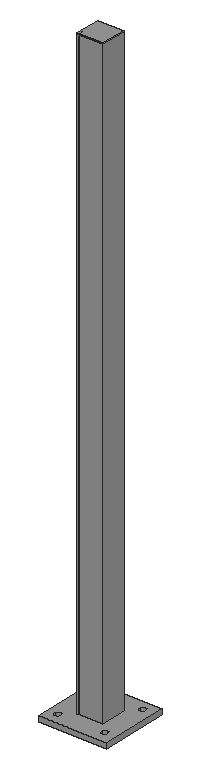
Revit family "Palmshield-Asia-Louver-Post", category Specialty Equipment, Revit 2025
Family settings
  Round Connector Dimension = Use Diameter
  Part Type = Normal
  OmniClass Number = 23.55.00.00
  OmniClass Title = Manufactured Structures
  Work Plane-Based = No
  Enable Cutting in Views = No
  Always vertical = No
  Cut with Voids When Loaded = No
  Maintain Annotation Orientation = No
  Shared = No
  Room Calculation Point = No
Parameters (values of type "Assembly")
  Warranty URL = "https://palmshieldlouvers.com/wp-content/uploads/2020/01/PalmSHIELD-Warranty-NO-SIGN-LINE.pdf"
  Version = "2020 - v1.0a"  # constant formula
  URL = "https://palmshieldlouvers.com/"
  Product Page URL = "https://palmshieldlouvers.com/products/semi-private-screening/"
  Product Documentation Link = "http://palmshieldlouvers.com/wp-content/uploads/2020/05/PalmSHIELD-Semi-Private-Composite-Technical-Data-Sheet.pdf"
  Model = "Asia - Aluminum - Post Assembly"  # constant formula
  Material = Metal - PalmSHIELD - Dusty Grey
  Manufacturer Phone Number = "531-329-4406 "  # constant formula
  Manufacturer Email = "mailto: info@palmshieldlouvers.com"
  Manufacturer Address = "12330 Cary Circle, La Vista, NE 68128"  # constant formula
  Manufacturer = "PalmSHIELD"  # constant formula
  Keynote = "05 10 00"
  Instruction Sheet Link = "http://palmshieldlouvers.com/wp-content/uploads/2020/01/PalmSHIELD-Post-Panel-Gate-Installation-Instructions-REV-1.pdf"
  ID [instance] = "Not Assigned"
  Height [instance] = if(Desired Overall Height < C Min Height, C Min Height, if(Desired Overall Height > C Max Height, C Max Height, Desired Overall Height))  # 6' - 0"
  Desired Overall Height [instance] = 6' - 0"
  Description = "Asia - Aluminum"  # constant formula
  Default Elevation = 0' - 0"
  Copyright = "Copyright ©2024 The American Fence Company and PalmSHIELD. All Rights Reserved."  # constant formula
  Component Vis [instance] = yes
  Component Name [instance] = "Asia - Aluminum - Square Post"  # constant formula
  C Min Height [instance] = 3' - 4"  # constant formula
  C Max Height [instance] = 12' - 0"  # constant formula
  Assembly Code = "F1020100"
Reference planes (in)
  plane 1 "Center (Front/Back)": y = 0
  plane 2: z = 0
  plane 3 "Center (Left/Right)": x = 0
  plane 4: z = 72
Lines and regions (in)
  reference lines
    curve 1: line (-23.79961, 0, 72) -> (24.20039, 0, 72)
Dimensions and locks (in)
  "Desired Overall Height": curve 1 to plane 2
  "Height": plane 4 to plane 2
  aligned and locked: plane 2 to level
Automatic sketch dimensions
  curve 1 to plane 3 "Center (Left/Right)" = 1' - 11.79961"
  plane 3 "Center (Left/Right)" to curve 1 = 2' - 0.20039"
Nested families (in)
  nested 1: "Screening-Louver-Assembly-Post-Palmshield-Asia" at (0, 0, 0), Desired Overall Height <- "Desired Overall Height", Overall Height <- "Height", ID <- "ID", Component Vis <- "Component Vis", type "Default"
    with Overall Height 6' - 0", ID "Not Assigned", Desired Overall Height 6' - 0", Component Vis yes, Component Name "Atlas - Post Assembly"
  nested 2: "Nested-Base_Plate-Palmshield-Asia" at (0, 0, 0), type "8" x 8" x 5/8""
    with Material Metal - PalmSHIELD - Dusty Grey, ID "Not Assigned", Component Name "Asia - Aluminum - Base Plate"
  nested 3: "Nested-Square_Post-Palmshield-Asia" at (0, 0, 0.625), type "3" X 3" SQ TUBE POST"
    with Material Metal - PalmSHIELD - Dusty Grey, Length 5' - 11 1/4", ID "Not Assigned", Component Name "Asia - Aluminum - Square Post"
  nested 4: "Nested-Top_Cap-Palmshield-Asia" at (0, 0, 71.875), type "3" x 3" x 1/8""
    with Material Metal - PalmSHIELD - Dusty Grey, ID "Not Assigned", Component Name "Asia - Aluminum - Square Top Cap"
Definition of nested family "Nested-Base_Plate-Palmshield-Asia"
  Parameters (values of type "8" x 8" x 5/8"")
    Width = 0' - 8"  # constant formula
    Warranty URL = "https://palmshieldlouvers.com/wp-content/uploads/2020/01/PalmSHIELD-Warranty-NO-SIGN-LINE.pdf"
    Version = "2020 - v1.0a"  # constant formula
    URL = "https://palmshieldlouvers.com/"
    Thickness = 0' - 0 5/8"  # constant formula
    Product Page URL = "https://palmshieldlouvers.com/products/louvers/"
    Product Documentation Link = "https://palmshieldlouvers.com/wp-content/uploads/2022/01/Asia-Commercial-Horizontal-Technical-Data-Sheet.pdf"
    Model = "Asia"  # constant formula
    Material [instance] = none
    Manufacturer Phone Number = "531-329-4406 "  # constant formula
    Manufacturer Fax Number = "Consult Manufacturer Website for More Information"  # constant formula
    Manufacturer Email = "mailto: info@palmshieldlouvers.com"
    Manufacturer Address = "12330 Cary Circle, La Vista, NE 68128"  # constant formula
    Manufacturer = "PalmSHIELD"  # constant formula
    Keynote = "05 10 00"
    Instruction Sheet Link = "https://palmshieldlouvers.com/wp-content/uploads/2021/09/PalmSHIELD-Mercury-Series-Post-Panel-Gate-Installation-Instructions-2.docx"
    ID [instance] = ""
    Hole Diameter = 0' - 0 3/4"  # constant formula
    Description = "Atlas - Base Plate"  # constant formula
    Default Elevation = 4' - 0"
    Copyright = "Copyright ©2024 The American Fence Company and PalmSHIELD. All Rights Reserved."  # constant formula
    Component Name [instance] = "Asia - Aluminum - Base Plate"  # constant formula
    C Hole Offset = 0' - 1 1/4"  # constant formula
    Assembly Code = "F1020100"
  Reference planes (in)
    plane 1 "Center (Front/Back)": y = 0
    plane 2: z = 0
    plane 3 "Center (Left/Right)": x = 0
    plane 4: y = 4
    plane 5: x = 4
    plane 6: y = -4
    plane 7: x = -4
    plane 8: z = 0.625
  Forms (in)
    Extrusion 1, solid
      sketch origin (0, 0, 0) x (1, 0, 0) y (0, 1, 0)
        loop
          line (-48, 48) -> (-48, -48) -> (48, -48) -> (48, 48) -> (-48, 48)
      from 0 to -12
    Extrusion 2, solid, material <- "Material"
      sketch origin (0, 0, 0) x (1, 0, 0) y (0, 1, 0)
        loop
          line (-4, 4) -> (-4, -4) -> (4, -4) -> (4, 4) -> (-4, 4)
        loop
          circle (-2.75, 2.75) r 0.375
        loop
          circle (2.75, 2.75) r 0.375
        loop
          circle (-2.75, -2.75) r 0.375
        loop
          circle (2.75, -2.75) r 0.375
      from 0 to 0.625
  Dimensions and locks (in)
    equal spacing: plane 7, plane 3 "Center (Left/Right)", plane 5
    equal spacing: plane 4, plane 1 "Center (Front/Back)", plane 6
    "Width": plane 7 to plane 5
    "Width": plane 4 to plane 6
    "C Hole Offset": plane 7 to Extrusion 2 sketch curve  (x2)
    "C Hole Offset": Extrusion 2 sketch curve to plane 5  (x2)
    "C Hole Offset": plane 4 to Extrusion 2 sketch curve  (x2)
    "C Hole Offset": plane 6 to Extrusion 2 sketch curve  (x2)
    "Thickness": plane 8 to plane 2
    "Hole Diameter": diameter of Extrusion 2 sketch curve  (x4)
    aligned and locked: plane 2 to Extrusion 1
    aligned and locked: level to Extrusion 1
    aligned and locked: Extrusion 2 sketch curve to plane 4
    aligned and locked: plane 7 to Extrusion 2 sketch curve
    aligned and locked: Extrusion 2 sketch curve to plane 6
    aligned and locked: Extrusion 2 sketch curve to plane 5
    aligned and locked: plane 8 to Extrusion 2
  Automatic sketch dimensions
    Extrusion 1 sketch curve to Extrusion 1 sketch curve = 8' - 0"  (x2)
Definition of nested family "Nested-Square_Post-Palmshield-Asia"
  Parameters (values of type "3" X 3" SQ TUBE POST")
    Width = 0' - 3"  # constant formula
    Warranty URL = "https://palmshieldlouvers.com/wp-content/uploads/2020/01/PalmSHIELD-Warranty-NO-SIGN-LINE.pdf"
    Version = "2020 - v1.0a"  # constant formula
    URL = "https://palmshieldlouvers.com/"
    Thickness = 0' - 0 1/8"  # constant formula
    Product Page URL = "https://palmshieldlouvers.com/products/louvers/"
    Product Documentation Link = "https://palmshieldlouvers.com/wp-content/uploads/2022/01/Asia-Commercial-Horizontal-Technical-Data-Sheet.pdf"
    Model = "Atlas"  # constant formula
    Material [instance] = none
    Manufacturer Phone Number = "531-329-4406 "  # constant formula
    Manufacturer Fax Number = "Consult Manufacturer Website for More Information"  # constant formula
    Manufacturer Email = "mailto: info@palmshieldlouvers.com"
    Manufacturer Address = "12330 Cary Circle, La Vista, NE 68128"  # constant formula
    Manufacturer = "PalmSHIELD"  # constant formula
    Length [instance] = 4' - 4.86713"
    Keynote = "05 10 00"
    Instruction Sheet Link = "https://palmshieldlouvers.com/wp-content/uploads/2021/09/PalmSHIELD-Mercury-Series-Post-Panel-Gate-Installation-Instructions-2.docx"
    ID [instance] = ""
    Description = "Asia - Post"  # constant formula
    Default Elevation = 4' - 0"
    Copyright = "Copyright ©2024 The American Fence Company and PalmSHIELD. All Rights Reserved."  # constant formula
    Component Name [instance] = "Asia - Aluminum - Square Post"  # constant formula
    C Hole Offset = 0' - 1 1/2"  # constant formula
    Assembly Code = "F1020100"
  Reference planes (in)
    plane 1 "Center (Front/Back)": y = 0
    plane 2: z = 0
    plane 3 "Center (Left/Right)": x = 0
    plane 4: z = 52.86713
    plane 5: x = 1.5
    plane 6: x = -1.5
  Forms (in)
    Extrusion 1, solid
      sketch origin (0, 0, 0) x (1, 0, 0) y (0, 1, 0)
        loop
          line (-48, 48) -> (-48, -48) -> (48, -48) -> (48, 48) -> (-48, 48)
      from 0 to -12
    Sweep 2, solid, material <- "Material"
      path origin (0, 0, 0) x (0, 1, 0) y (0, 0, 1)
        loop
          line (0, 0) -> (0, 52.86713)
      profile "Profile-Palmshield-Square : 3" X 3" X 1/8" SQ. TUBE POST" origin (0, 0, 26.43357) x (0, -1, 0) y (1, 0, 0)
        loop
          line (1.375, 1.375) -> (-1.375, 1.375) -> (-1.375, -1.375) -> (1.375, -1.375) -> (1.375, 1.375)
        loop
          line (-1.5, -1.5) -> (1.5, -1.5) -> (1.5, 1.5) -> (-1.5, 1.5) -> (-1.5, -1.5)
  Dimensions and locks (in)
    "Length": plane 4 to plane 2
    equal spacing: plane 5, plane 3 "Center (Left/Right)", plane 6
    "Width": plane 5 to plane 6
    aligned and locked: plane 2 to Extrusion 1
    aligned and locked: level to Extrusion 1
    aligned and locked: plane 1 "Center (Front/Back)" to Sweep 2 sketch curve
    aligned and locked: plane 4 to Sweep 2 sketch curve
  Automatic sketch dimensions
    Extrusion 1 sketch curve to Extrusion 1 sketch curve = 8' - 0"  (x2)
    Sweep 2 sketch curve to level = 0' - 0"
Definition of nested family "Nested-Top_Cap-Palmshield-Asia"
  Parameters (values of type "3" x 3" x 1/8"")
    Width = 0' - 3"  # constant formula
    Warranty URL = "https://palmshieldlouvers.com/wp-content/uploads/2020/01/PalmSHIELD-Warranty-NO-SIGN-LINE.pdf"
    Version = "2020 - v1.0a"  # constant formula
    URL = "https://palmshieldlouvers.com/"
    Thickness = 0' - 0 1/8"  # constant formula
    Product Page URL = "https://palmshieldlouvers.com/products/louvers/"
    Product Documentation Link = "https://palmshieldlouvers.com/wp-content/uploads/2022/01/Asia-Commercial-Horizontal-Technical-Data-Sheet.pdf"
    Model = "Asia"  # constant formula
    Material [instance] = none
    Manufacturer Phone Number = "531-329-4406 "  # constant formula
    Manufacturer Fax Number = "Consult Manufacturer Website for More Information"  # constant formula
    Manufacturer Email = "mailto: info@palmshieldlouvers.com"
    Manufacturer Address = "12330 Cary Circle, La Vista, NE 68128"  # constant formula
    Manufacturer = "PalmSHIELD"  # constant formula
    Keynote = "05 10 00"
    Instruction Sheet Link = "https://palmshieldlouvers.com/wp-content/uploads/2021/09/PalmSHIELD-Mercury-Series-Post-Panel-Gate-Installation-Instructions-2.docx"
    ID [instance] = ""
    Description = "Asia - Top Cap"  # constant formula
    Default Elevation = 4' - 0"
    Copyright = "Copyright ©2024 The American Fence Company and PalmSHIELD. All Rights Reserved."  # constant formula
    Component Name [instance] = "Asia - Aluminum - Square Top Cap"  # constant formula
    Assembly Code = "F1020100"
  Reference planes (in)
    plane 1 "Center (Front/Back)": y = 0
    plane 2: z = 0
    plane 3 "Center (Left/Right)": x = 0
    plane 4: y = 1.5
    plane 5: x = 1.5
    plane 6: y = -1.5
    plane 7: x = -1.5
    plane 8: z = 0.125
  Forms (in)
    Extrusion 1, solid
      sketch origin (0, 0, 0) x (1, 0, 0) y (0, 1, 0)
        loop
          line (-48, 48) -> (-48, -48) -> (48, -48) -> (48, 48) -> (-48, 48)
      from 0 to -12
    Extrusion 2, solid, material <- "Material"
      sketch origin (0, 0, 0) x (1, 0, 0) y (0, 1, 0)
        loop
          line (-1.5, 1.5) -> (-1.5, -1.5) -> (1.5, -1.5) -> (1.5, 1.5) -> (-1.5, 1.5)
      from 0 to 0.125
  Dimensions and locks (in)
    equal spacing: plane 7, plane 3 "Center (Left/Right)", plane 5
    equal spacing: plane 4, plane 1 "Center (Front/Back)", plane 6
    "Width": plane 7 to plane 5
    "Width": plane 4 to plane 6
    "Thickness": plane 8 to plane 2
    aligned and locked: plane 2 to Extrusion 1
    aligned and locked: level to Extrusion 1
    aligned and locked: Extrusion 2 sketch curve to plane 4
    aligned and locked: plane 7 to Extrusion 2 sketch curve
    aligned and locked: Extrusion 2 sketch curve to plane 6
    aligned and locked: Extrusion 2 sketch curve to plane 5
    aligned and locked: plane 8 to Extrusion 2
  Automatic sketch dimensions
    Extrusion 1 sketch curve to Extrusion 1 sketch curve = 8' - 0"  (x2)
Definition of nested family "Screening-Louver-Assembly-Post-Palmshield-Asia"
  Parameters (values of type "Default")
    Width = 0' - 3"  # constant formula
    Warranty URL = "https://palmshieldlouvers.com/wp-content/uploads/2020/01/PalmSHIELD-Warranty-NO-SIGN-LINE.pdf"
    Version = "2020 - v1.0a"  # constant formula
    URL = "https://palmshieldlouvers.com/"
    Top Cap Thickness = 0' - 0 1/8"  # constant formula
    Product Page URL = "https://palmshieldlouvers.com/products/louvers/"
    Product Documentation Link = "https://palmshieldlouvers.com/wp-content/uploads/2022/01/Asia-Commercial-Horizontal-Technical-Data-Sheet.pdf"
    Overall Height [instance] = if(Desired Overall Height < 3' 0", 3' 0", if(Desired Overall Height > 12' 0", 12' 0", Desired Overall Height))  # 6' - 0"
    Model = "Asia - Post Assembly"  # constant formula
    Material = none
    Manufacturer Phone Number = "531-329-4406 "  # constant formula
    Manufacturer Fax Number = "Consult Manufacturer Website for More Information"  # constant formula
    Manufacturer Email = "mailto: info@palmshieldlouvers.com"
    Manufacturer Address = "12330 Cary Circle, La Vista, NE 68128"  # constant formula
    Manufacturer = "PalmSHIELD"  # constant formula
    Keynote = "05 10 00"
    Instruction Sheet Link = "https://palmshieldlouvers.com/wp-content/uploads/2021/09/PalmSHIELD-Mercury-Series-Post-Panel-Gate-Installation-Instructions-2.docx"
    ID [instance] = "Not Assigned"
    Desired Overall Height [instance] = 6' - 0"
    Description = "Asia - Post Assembly"  # constant formula
    Default Elevation = 4' - 0"
    Copyright = "Copyright ©2024 The American Fence Company and PalmSHIELD. All Rights Reserved."  # constant formula
    Component Vis [instance] = yes
    Component Name [instance] = "Atlas - Post Assembly"  # constant formula
    C Panel Offset From Ground = 0' - 3 1/2"  # constant formula
    Base Plate Thickness = 0' - 0 5/8"  # constant formula
    Assembly Code = "F1020100"
  Reference planes (in)
    plane 1 "Center (Front/Back)": y = 0
    plane 2: z = 0
    plane 3 "Center (Left/Right)": x = 0
    plane 4: x = 1.5
    plane 5: x = -1.5
    plane 6: z = 72
    plane 7: z = 71.875
    plane 8: z = 3.5
  Forms (in)
    Extrusion 1, solid
      sketch origin (0, 0, 0) x (1, 0, 0) y (0, 1, 0)
        loop
          line (-48, 48) -> (-48, -48) -> (48, -48) -> (48, 48) -> (-48, 48)
      from 0 to -12
  Lines and regions (in)
    reference lines
      curve 1: line (-63.66684, 0, 72) -> (79.33316, 0, 72)
  Dimensions and locks (in)
    equal spacing: plane 4, plane 3 "Center (Left/Right)", plane 5
    "Width": plane 4 to plane 5
    "Top Cap Thickness": plane 6 to plane 7
    "C Panel Offset From Ground": plane 8 to plane 2
    "Overall Height": plane 6 to plane 2
    "Desired Overall Height": curve 1 to plane 2
    aligned and locked: plane 2 to Extrusion 1
    aligned and locked: level to Extrusion 1
    aligned and locked: plane 3 "Center (Left/Right)" to nested 1
    aligned and locked: plane 1 "Center (Front/Back)" to nested 1
    aligned and locked: plane 7 to nested 2
    aligned and locked: nested 2 to nested 3
    aligned and locked: plane 1 "Center (Front/Back)" to nested 3
    aligned and locked: plane 3 "Center (Left/Right)" to nested 2
    aligned and locked: plane 1 "Center (Front/Back)" to nested 2
  Automatic sketch dimensions
    Extrusion 1 sketch curve to Extrusion 1 sketch curve = 8' - 0"  (x2)
    curve 1 to plane 5 = 5' - 2.16684"
    plane 4 to curve 1 = 6' - 5.83316"
  Nested families (in)
    nested 1: "Nested-Base_Plate-Palmshield-Asia" at (0, 0, 0), ID <- "ID", Material <- "Material", visible <- "Component Vis", type "8" x 8" x 5/8""
      with Material none, ID "Not Assigned", Component Name "Asia - Aluminum - Base Plate"
    nested 2: "Nested-Square_Post-Palmshield-Asia" at (0, 0, 0.625), ID <- "ID", Material <- "Material", visible <- "Component Vis", type "3" X 3" SQ TUBE POST"
      with Material none, Length 5' - 11 1/4", ID "Not Assigned", Component Name "Asia - Aluminum - Square Post"
    nested 3: "Nested-Top_Cap-Palmshield-Asia" at (0, 0, 71.875), ID <- "ID", Material <- "Material", visible <- "Component Vis", type "3" x 3" x 1/8""
      with Material none, ID "Not Assigned", Component Name "Asia - Aluminum - Square Top Cap"
  Definition of nested family "Nested-Base_Plate-Palmshield-Asia"
    Parameters (values of type "8" x 8" x 5/8"")
      Width = 0' - 8"  # constant formula
      Warranty URL = "https://palmshieldlouvers.com/wp-content/uploads/2020/01/PalmSHIELD-Warranty-NO-SIGN-LINE.pdf"
      Version = "2020 - v1.0a"  # constant formula
      URL = "https://palmshieldlouvers.com/"
      Thickness = 0' - 0 5/8"  # constant formula
      Product Page URL = "https://palmshieldlouvers.com/products/louvers/"
      Product Documentation Link = "https://palmshieldlouvers.com/wp-content/uploads/2022/01/Asia-Commercial-Horizontal-Technical-Data-Sheet.pdf"
      Model = "Asia"  # constant formula
      Material [instance] = none
      Manufacturer Phone Number = "531-329-4406 "  # constant formula
      Manufacturer Fax Number = "Consult Manufacturer Website for More Information"  # constant formula
      Manufacturer Email = "mailto: info@palmshieldlouvers.com"
      Manufacturer Address = "12330 Cary Circle, La Vista, NE 68128"  # constant formula
      Manufacturer = "PalmSHIELD"  # constant formula
      Keynote = "05 10 00"
      Instruction Sheet Link = "https://palmshieldlouvers.com/wp-content/uploads/2021/09/PalmSHIELD-Mercury-Series-Post-Panel-Gate-Installation-Instructions-2.docx"
      ID [instance] = ""
      Hole Diameter = 0' - 0 3/4"  # constant formula
      Description = "Atlas - Base Plate"  # constant formula
      Default Elevation = 4' - 0"
      Copyright = "Copyright ©2024 The American Fence Company and PalmSHIELD. All Rights Reserved."  # constant formula
      Component Name [instance] = "Asia - Aluminum - Base Plate"  # constant formula
      C Hole Offset = 0' - 1 1/4"  # constant formula
      Assembly Code = "F1020100"
    Reference planes (in)
      plane 1 "Center (Front/Back)": y = 0
      plane 2: z = 0
      plane 3 "Center (Left/Right)": x = 0
      plane 4: y = 4
      plane 5: x = 4
      plane 6: y = -4
      plane 7: x = -4
      plane 8: z = 0.625
    Forms (in)
      Extrusion 1, solid
        sketch origin (0, 0, 0) x (1, 0, 0) y (0, 1, 0)
          loop
            line (-48, 48) -> (-48, -48) -> (48, -48) -> (48, 48) -> (-48, 48)
        from 0 to -12
      Extrusion 2, solid, material <- "Material"
        sketch origin (0, 0, 0) x (1, 0, 0) y (0, 1, 0)
          loop
            line (-4, 4) -> (-4, -4) -> (4, -4) -> (4, 4) -> (-4, 4)
          loop
            circle (-2.75, 2.75) r 0.375
          loop
            circle (2.75, 2.75) r 0.375
          loop
            circle (-2.75, -2.75) r 0.375
          loop
            circle (2.75, -2.75) r 0.375
        from 0 to 0.625
    Dimensions and locks (in)
      equal spacing: plane 7, plane 3 "Center (Left/Right)", plane 5
      equal spacing: plane 4, plane 1 "Center (Front/Back)", plane 6
      "Width": plane 7 to plane 5
      "Width": plane 4 to plane 6
      "C Hole Offset": plane 7 to Extrusion 2 sketch curve  (x2)
      "C Hole Offset": Extrusion 2 sketch curve to plane 5  (x2)
      "C Hole Offset": plane 4 to Extrusion 2 sketch curve  (x2)
      "C Hole Offset": plane 6 to Extrusion 2 sketch curve  (x2)
      "Thickness": plane 8 to plane 2
      "Hole Diameter": diameter of Extrusion 2 sketch curve  (x4)
      aligned and locked: plane 2 to Extrusion 1
      aligned and locked: level to Extrusion 1
      aligned and locked: Extrusion 2 sketch curve to plane 4
      aligned and locked: plane 7 to Extrusion 2 sketch curve
      aligned and locked: Extrusion 2 sketch curve to plane 6
      aligned and locked: Extrusion 2 sketch curve to plane 5
      aligned and locked: plane 8 to Extrusion 2
    Automatic sketch dimensions
      Extrusion 1 sketch curve to Extrusion 1 sketch curve = 8' - 0"  (x2)
  Definition of nested family "Nested-Square_Post-Palmshield-Asia"
    Parameters (values of type "3" X 3" SQ TUBE POST")
      Width = 0' - 3"  # constant formula
      Warranty URL = "https://palmshieldlouvers.com/wp-content/uploads/2020/01/PalmSHIELD-Warranty-NO-SIGN-LINE.pdf"
      Version = "2020 - v1.0a"  # constant formula
      URL = "https://palmshieldlouvers.com/"
      Thickness = 0' - 0 1/8"  # constant formula
      Product Page URL = "https://palmshieldlouvers.com/products/louvers/"
      Product Documentation Link = "https://palmshieldlouvers.com/wp-content/uploads/2022/01/Asia-Commercial-Horizontal-Technical-Data-Sheet.pdf"
      Model = "Atlas"  # constant formula
      Material [instance] = none
      Manufacturer Phone Number = "531-329-4406 "  # constant formula
      Manufacturer Fax Number = "Consult Manufacturer Website for More Information"  # constant formula
      Manufacturer Email = "mailto: info@palmshieldlouvers.com"
      Manufacturer Address = "12330 Cary Circle, La Vista, NE 68128"  # constant formula
      Manufacturer = "PalmSHIELD"  # constant formula
      Length [instance] = 4' - 4.86713"
      Keynote = "05 10 00"
      Instruction Sheet Link = "https://palmshieldlouvers.com/wp-content/uploads/2021/09/PalmSHIELD-Mercury-Series-Post-Panel-Gate-Installation-Instructions-2.docx"
      ID [instance] = ""
      Description = "Asia - Post"  # constant formula
      Default Elevation = 4' - 0"
      Copyright = "Copyright ©2024 The American Fence Company and PalmSHIELD. All Rights Reserved."  # constant formula
      Component Name [instance] = "Asia - Aluminum - Square Post"  # constant formula
      C Hole Offset = 0' - 1 1/2"  # constant formula
      Assembly Code = "F1020100"
    Reference planes (in)
      plane 1 "Center (Front/Back)": y = 0
      plane 2: z = 0
      plane 3 "Center (Left/Right)": x = 0
      plane 4: z = 52.86713
      plane 5: x = 1.5
      plane 6: x = -1.5
    Forms (in)
      Extrusion 1, solid
        sketch origin (0, 0, 0) x (1, 0, 0) y (0, 1, 0)
          loop
            line (-48, 48) -> (-48, -48) -> (48, -48) -> (48, 48) -> (-48, 48)
        from 0 to -12
      Sweep 2, solid, material <- "Material"
        path origin (0, 0, 0) x (0, 1, 0) y (0, 0, 1)
          loop
            line (0, 0) -> (0, 52.86713)
        profile "Profile-Palmshield-Square : 3" X 3" X 1/8" SQ. TUBE POST" origin (0, 0, 26.43357) x (0, -1, 0) y (1, 0, 0)
          loop
            line (1.375, 1.375) -> (-1.375, 1.375) -> (-1.375, -1.375) -> (1.375, -1.375) -> (1.375, 1.375)
          loop
            line (-1.5, -1.5) -> (1.5, -1.5) -> (1.5, 1.5) -> (-1.5, 1.5) -> (-1.5, -1.5)
    Dimensions and locks (in)
      "Length": plane 4 to plane 2
      equal spacing: plane 5, plane 3 "Center (Left/Right)", plane 6
      "Width": plane 5 to plane 6
      aligned and locked: plane 2 to Extrusion 1
      aligned and locked: level to Extrusion 1
      aligned and locked: plane 1 "Center (Front/Back)" to Sweep 2 sketch curve
      aligned and locked: plane 4 to Sweep 2 sketch curve
    Automatic sketch dimensions
      Extrusion 1 sketch curve to Extrusion 1 sketch curve = 8' - 0"  (x2)
      Sweep 2 sketch curve to level = 0' - 0"
  Definition of nested family "Nested-Top_Cap-Palmshield-Asia"
    Parameters (values of type "3" x 3" x 1/8"")
      Width = 0' - 3"  # constant formula
      Warranty URL = "https://palmshieldlouvers.com/wp-content/uploads/2020/01/PalmSHIELD-Warranty-NO-SIGN-LINE.pdf"
      Version = "2020 - v1.0a"  # constant formula
      URL = "https://palmshieldlouvers.com/"
      Thickness = 0' - 0 1/8"  # constant formula
      Product Page URL = "https://palmshieldlouvers.com/products/louvers/"
      Product Documentation Link = "https://palmshieldlouvers.com/wp-content/uploads/2022/01/Asia-Commercial-Horizontal-Technical-Data-Sheet.pdf"
      Model = "Asia"  # constant formula
      Material [instance] = none
      Manufacturer Phone Number = "531-329-4406 "  # constant formula
      Manufacturer Fax Number = "Consult Manufacturer Website for More Information"  # constant formula
      Manufacturer Email = "mailto: info@palmshieldlouvers.com"
      Manufacturer Address = "12330 Cary Circle, La Vista, NE 68128"  # constant formula
      Manufacturer = "PalmSHIELD"  # constant formula
      Keynote = "05 10 00"
      Instruction Sheet Link = "https://palmshieldlouvers.com/wp-content/uploads/2021/09/PalmSHIELD-Mercury-Series-Post-Panel-Gate-Installation-Instructions-2.docx"
      ID [instance] = ""
      Description = "Asia - Top Cap"  # constant formula
      Default Elevation = 4' - 0"
      Copyright = "Copyright ©2024 The American Fence Company and PalmSHIELD. All Rights Reserved."  # constant formula
      Component Name [instance] = "Asia - Aluminum - Square Top Cap"  # constant formula
      Assembly Code = "F1020100"
    Reference planes (in)
      plane 1 "Center (Front/Back)": y = 0
      plane 2: z = 0
      plane 3 "Center (Left/Right)": x = 0
      plane 4: y = 1.5
      plane 5: x = 1.5
      plane 6: y = -1.5
      plane 7: x = -1.5
      plane 8: z = 0.125
    Forms (in)
      Extrusion 1, solid
        sketch origin (0, 0, 0) x (1, 0, 0) y (0, 1, 0)
          loop
            line (-48, 48) -> (-48, -48) -> (48, -48) -> (48, 48) -> (-48, 48)
        from 0 to -12
      Extrusion 2, solid, material <- "Material"
        sketch origin (0, 0, 0) x (1, 0, 0) y (0, 1, 0)
          loop
            line (-1.5, 1.5) -> (-1.5, -1.5) -> (1.5, -1.5) -> (1.5, 1.5) -> (-1.5, 1.5)
        from 0 to 0.125
    Dimensions and locks (in)
      equal spacing: plane 7, plane 3 "Center (Left/Right)", plane 5
      equal spacing: plane 4, plane 1 "Center (Front/Back)", plane 6
      "Width": plane 7 to plane 5
      "Width": plane 4 to plane 6
      "Thickness": plane 8 to plane 2
      aligned and locked: plane 2 to Extrusion 1
      aligned and locked: level to Extrusion 1
      aligned and locked: Extrusion 2 sketch curve to plane 4
      aligned and locked: plane 7 to Extrusion 2 sketch curve
      aligned and locked: Extrusion 2 sketch curve to plane 6
      aligned and locked: Extrusion 2 sketch curve to plane 5
      aligned and locked: plane 8 to Extrusion 2
    Automatic sketch dimensions
      Extrusion 1 sketch curve to Extrusion 1 sketch curve = 8' - 0"  (x2)
